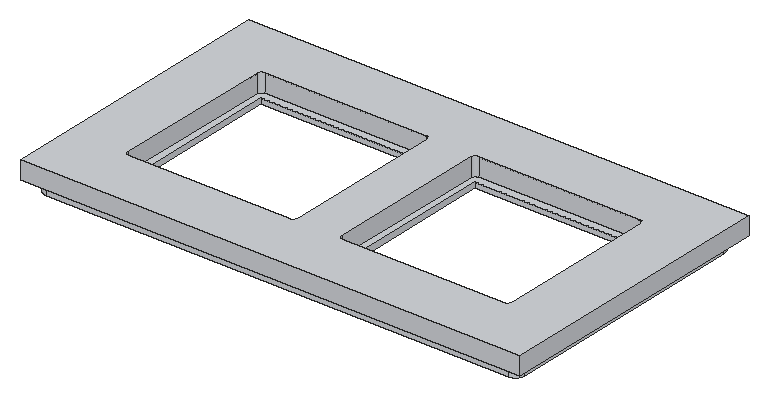
Revit family "Gira_0212227", category Electrical Fixtures, host Face, Revit 2017
Family settings
  Host = Face
  Maintain Annotation Orientation = No
  Round Connector Dimension = Use Diameter
  Part Type = Normal
  Cut with Voids When Loaded = No
  Shared = No
  Room Calculation Point = No
Parameters (values of type "Cov.fr. 2-g Gira Esprit Lin.pwd.blue")
  With mounting grid = "No"
  With hinged lid = "No"
  URL = "http://katalog.gira.de/en/datenblatt.html?artikelnr=0212227"
  Type of fastening = "Clamp mounting"
  Transparent = "No"
  Surface protection = "Other"
  Suitable for wall duct = "No"
  Suitable for flush-mounted installation = "Yes"
  Suitable for floor box = "No"
  Suitable for built-in installation = "No"
  Number of units vertical = "2"
  Number of units horizontal = "2"
  Number of units = "2"
  Name = "Cov.fr. 2-g Gira Esprit Lin.pwd.blue"
  Mounting direction = "Horizontal and vertical"
  Material quality = "Other"
  Material = "Other"
  Manufacturer URL = "https://www.gira.de/"
  Manufacturer = "Gira"
  Label space/information surface = "No"
  Keynote = ""
  HeinzeBIM = "https://bimportal.heinze.de/bim/cov-fr-2-g-gira-esprit-lin-pwd-blue/2e08e424390af7a12b03bbc900d740edc3f0f342"
  Halogen free = "No"
  HAN = "0212227"
  GTIN = "4010337016076"
  Description = "Cov.fr.2g Espr. LPwBu,Gira Esprit cover frame,linoleum-plywood blue,2-gang,Notes :,- Natural product. Colour deviations are possible.,- NCS value: approx. NCS S 7010-R90B"
  Degree of protection (IP) = "IP20"
  Default Elevation = 1219.2 mm
  Data sheet (1) = "https://katalog.gira.de/en/download.html?artikelnr=0212227"
  Colour = "Other"
  Category = "Cover frame for domestic switching devices"
  BIM (1) = "https://media.stage.bim.site/public/gira/36a6b08/Espr._Rahmen_2fach.rfa"
  Available = "No"
Reference planes
  plane 1 "Center (Front/Back)": y = 0
  plane 2: z = 0
  plane 3 "Center (Left/Right)": x = 0
Forms (mm)
  Extrusion 1, solid, detail levels fine
    sketch origin (0, 0, 0) x (1, 0, 0) y (0, 1, 0)
      loop
        line (-83, 47.5) -> (-83, -47.5) -> (83, -47.5) -> (83, 47.5) -> (-83, 47.5)
      loop
        arc (-63.75, -26.7) -> (-63.311, -27.761) -> (-62.25, -28.2) r 1.5
        line (-62.25, -28.2) -> (-8.85, -28.2)
        arc (-8.85, -28.2) -> (-7.789, -27.761) -> (-7.35, -26.7) r 1.5
        line (-7.35, -26.7) -> (-7.35, 26.7)
        arc (-7.35, 26.7) -> (-7.789, 27.761) -> (-8.85, 28.2) r 1.5
        line (-8.85, 28.2) -> (-62.25, 28.2)
        arc (-62.25, 28.2) -> (-63.311, 27.761) -> (-63.75, 26.7) r 1.5
        line (-63.75, 26.7) -> (-63.75, -26.7)
      loop
        line (63.75, -26.7) -> (63.75, 26.7)
        arc (63.75, 26.7) -> (63.311, 27.761) -> (62.25, 28.2) r 1.5
        line (62.25, 28.2) -> (8.85, 28.2)
        arc (8.85, 28.2) -> (7.789, 27.761) -> (7.35, 26.7) r 1.5
        line (7.35, 26.7) -> (7.35, -26.7)
        arc (7.35, -26.7) -> (7.789, -27.761) -> (8.85, -28.2) r 1.5
        line (8.85, -28.2) -> (62.25, -28.2)
        arc (62.25, -28.2) -> (63.311, -27.761) -> (63.75, -26.7) r 1.5
    from 0 to 6
  Extrusion 2, solid, detail levels fine
    sketch origin (0, 0, 0) x (1, 0, 0) y (0, 1, 0)
      loop
        line (-61.45, -25.7) -> (-9.65, -25.7) -> (-9.65, 25.7) -> (-61.45, 25.7) -> (-61.45, -25.7)
      loop
        line (61.45, 25.7) -> (9.65, 25.7) -> (9.65, -25.7) -> (61.45, -25.7) -> (61.45, 25.7)
      loop
        arc (-78.454, -41.3) -> (-77.927, -42.573) -> (-76.654, -43.1) r 1.8
        line (-76.654, -43.1) -> (76.654, -43.1)
        arc (76.654, -43.1) -> (77.927, -42.573) -> (78.454, -41.3) r 1.8
        line (78.454, -41.3) -> (78.454, 41.3)
        arc (78.454, 41.3) -> (77.927, 42.573) -> (76.654, 43.1) r 1.8
        line (76.654, 43.1) -> (-76.654, 43.1)
        arc (-76.654, 43.1) -> (-77.927, 42.573) -> (-78.454, 41.3) r 1.8
        line (-78.454, 41.3) -> (-78.454, -41.3)
    from -1.9 to 0
  Extrusion 3, solid, detail levels fine
    sketch origin (0, 0, 0) x (1, 0, 0) y (0, 1, 0)
      loop
        arc (-76.75, 44.4) -> (-78.871, 43.521) -> (-79.75, 41.4) r 3
        line (-79.75, 41.4) -> (-79.75, -41.4)
        arc (-79.75, -41.4) -> (-78.871, -43.521) -> (-76.75, -44.4) r 3
        line (-76.75, -44.4) -> (76.75, -44.4)
        arc (76.75, -44.4) -> (78.871, -43.521) -> (79.75, -41.4) r 3
        line (79.75, -41.4) -> (79.75, 41.4)
        arc (79.75, 41.4) -> (78.871, 43.521) -> (76.75, 44.4) r 3
        line (76.75, 44.4) -> (-76.75, 44.4)
      loop
        arc (-78.55, -41.4) -> (-78.023, -42.673) -> (-76.75, -43.2) r 1.8
        line (-76.75, -43.2) -> (76.75, -43.2)
        arc (76.75, -43.2) -> (78.023, -42.673) -> (78.55, -41.4) r 1.8
        line (78.55, -41.4) -> (78.55, 41.4)
        arc (78.55, 41.4) -> (78.023, 42.673) -> (76.75, 43.2) r 1.8
        line (76.75, 43.2) -> (-76.75, 43.2)
        arc (-76.75, 43.2) -> (-78.023, 42.673) -> (-78.55, 41.4) r 1.8
        line (-78.55, 41.4) -> (-78.55, -41.4)
    from -3.7 to 0
  Extrusion 4, solid, detail levels medium
    sketch origin (0, 0, 0) x (1, 0, 0) y (0, 1, 0)
      loop
        line (-83, 47.5) -> (-83, -47.5) -> (83, -47.5) -> (83, 47.5) -> (-83, 47.5)
    from 0 to 6
  Extrusion 5, solid, detail levels medium
    sketch origin (0, 0, 0) x (1, 0, 0) y (0, 1, 0)
      loop
        line (-79.75, 44.4) -> (-79.75, -44.4) -> (79.75, -44.4) -> (79.75, 44.4) -> (-79.75, 44.4)
    from -3.7 to 0
  Extrusion 6, solid, detail levels coarse
    sketch origin (0, 0, 0) x (1, 0, 0) y (0, 1, 0)
      loop
        line (-83, 47.5) -> (-83, -47.5) -> (83, -47.5) -> (83, 47.5) -> (-83, 47.5)
    from -3.7 to 6
Dimensions and locks
  aligned and locked: plane 2 to host face
  aligned and locked: level to host face
